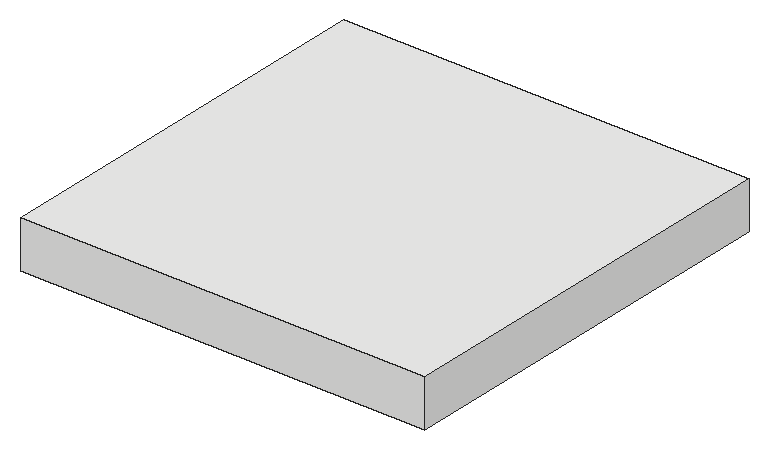
Revit family "p-180_395gb3_gb4-fp", category 機械設備, Revit 2019
Family settings
  丸型コネクタ寸法 = 直径を使用
  パーツ タイプ = 標準
  OmniClass 番号 = 23.75.35.17.27
  OmniClass タイトル = Centrifugal Fans
  作業面ベース = いいえ
  常に垂直 = はい
  ロード時にボイドで切り取り = いいえ
  共有 = いいえ
  部屋計算ポイント = はい
Parameters (values of type "P-395GB3-FP")
  電圧 = 100 V
  質量 = 1.416 kg
  負荷分類 = 3_ファン類
  説明 = "ダクト用換気扇 別売グリル フラットインテリアタイプ<クールホワイト>"
  製造元 = "三菱電機株式会社"
  製品質量 = 1.18 kg
  製品出荷対象 = "国内"
  製品リリース年月 = "2020年6月1日"
  積算_科目 = "2 換気設備"
  相 = 1
  消費電力 = 36 W
  極数 = 2
  始動方式 [instance] = "直入"
  分類コード = "50052503100030"
  価格 = 17300
  企業コード = "108420"
  仕様書バージョン = "Version1.0"
  モデル = "P-395GB3-FP"
  マテリアル = 合成樹脂(白)
  Type Comments = ""
  Keynote = ""
  Assembly Code = ""
  Width = 470 mm
  URL = "https://www.mitsubishielectric.co.jp/ldg/wink/qr/002/307170/"
  Height = 55 mm
  Depth = 470 mm
  Author = "三菱電機株式会社"
Types (5, lengths in mm): name | 質量 | 製品質量 | 製品リリース年月 | 価格 | モデル | Width | URL | Height | Depth
  P-180GB4-FP | 0.252 kg | 0.21 kg | "2024年4月1日" | 8300 | "P-180GB4-FP" | 250 | "https://www.mitsubishielectric.co.jp/ldg/wink/qr/002/333538/" | 39 | 250
  P-215GB4-FP | 0.312 kg | 0.26 kg | "2024年4月1日" | 9700 | "P-215GB4-FP" | 286 | "https://www.mitsubishielectric.co.jp/ldg/wink/qr/002/333540/" | 39 | 286
  P-260GB3-FP | 0.72 kg | 0.60 kg | "2020年6月1日" | 11000 | "P-260GB3-FP" | 330 | "https://www.mitsubishielectric.co.jp/ldg/wink/qr/002/306799/" | 46 | 330
  P-315GB3-FP | 0.96 kg | 0.80 kg | "2020年6月1日" | 14100 | "P-315GB3-FP" | 380 | "https://www.mitsubishielectric.co.jp/ldg/wink/qr/002/307165/" | 55 | 380
  P-395GB3-FP | 1.416 kg | 1.18 kg | "2020年6月1日" | 17300 | "P-395GB3-FP" | 470 | "https://www.mitsubishielectric.co.jp/ldg/wink/qr/002/307170/" | 55 | 470
Reference planes
  plane 1 "中心(正面/背面)": y = 0
  plane 2: z = 0
  plane 3 "中心(左/右)": x = 0
  plane 4: x = -235
  plane 5: x = 235
  plane 6: y = 235
  plane 7: y = -235
  plane 8: z = -55
Forms (mm)
  Extrusion 1, solid, material "合成樹脂(白)" <- "マテリアル"
    sketch origin (0, 0, 0) x (1, 0, 0) y (0, 1, 0)
      loop
        line (-235, 235) -> (-235, -235) -> (235, -235) -> (235, 235) -> (-235, 235)
    from -55 to 0
Dimensions and locks
  "Width": plane 4 to plane 5
  equal spacing: plane 4, plane 3 "中心(左/右)", plane 5
  "Depth": plane 6 to plane 7
  equal spacing: plane 6, plane 1 "中心(正面/背面)", plane 7
  "Height": plane 2 to plane 8
  aligned and locked: level to plane 2
  aligned and locked: plane 6 to Extrusion 1
  aligned and locked: plane 5 to Extrusion 1
  aligned and locked: Extrusion 1 to plane 7
  aligned and locked: Extrusion 1 to plane 4
  aligned and locked: plane 2 to Extrusion 1
  aligned and locked: Extrusion 1 to plane 8
  aligned and locked: plane 7 to Extrusion 1 sketch curve
  aligned and locked: Extrusion 1 sketch curve to plane 5
Automatic sketch dimensions
  Extrusion 1 sketch curve to plane 4 = 0 mm
  Extrusion 1 sketch curve to plane 6 = 0 mm
